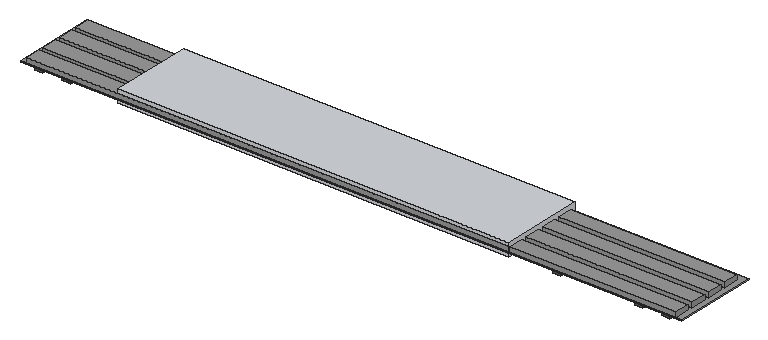
Revit family "2113-4, Veneer", category Generic Models, host Face, Revit 2020
Family settings
  Host = Face
  Can host rebar = No
  Round Connector Dimension = Use Diameter
  Part Type = Normal
  Cut with Voids When Loaded = No
  Shared = No
  Room Calculation Point = No
Parameters
  min_value [instance] = 1' - 11 1/4"  # constant formula
  max_value [instance] = 9' - 11 1/4"  # constant formula
  actual_value [instance] = if(NET LENGTH < min_value, min_value, if(NET LENGTH > max_value, max_value, NET LENGTH))  # 7' - 11 1/4"
  SCRIM MATERIAL [instance] = SCRIM
  SCRIM [instance] = yes
  NET LENGTH [instance] = 7' - 11 1/4"
  Default Elevation = 4' - 0"
  BACKER MATERIAL [instance] = BLACK-BACKERS
  .. MEMBER WIDTH [instance] = 0' - 2 1/4"  # constant formula
  .. MEMBER MATERIAL [instance] = Veneer Cherry
  .. MEMBER LENGTH [instance] = actual_value  # 7' - 11 1/4"
  .. MEMBER DEPTH [instance] = 0' - 0 3/4"  # constant formula
  .. MEMBER COUNT [instance] = 4  # constant formula
  IMPORTANT NOTE!!!                                                                             *Backer layout is for visualization purposes only, final layout to be determined by 9Wood. [instance] = ""
Reference planes (in)
  plane 1 "Center (Front/Back)": y = 0
  plane 2: z = 1.82209
  plane 3 "Center (Left/Right)": x = 0
Forms (in)
  Extrusion 1, solid
    sketch origin (132, -33.80483, 0) x (1, 0, 0) y (0, 1, 0)
      loop
        line (-118.625, 33.80483) -> (-61.26146, 33.80483) -> (-61.26146, 45.86733) -> (-118.625, 45.86733) -> (-118.625, 33.80483)
    from 1.82209 to 0
Dimensions and locks (in)
  aligned and locked: Extrusion 1 to plane 2
  aligned and locked: plane 3 "Center (Left/Right)" to nested 1
Nested families (in)
  nested 1: "1100 SERIES CONFIG" at (0, 2, 0), .. MEMBER DEPTH <- ".. MEMBER DEPTH", .. MEMBER LENGTH <- ".. MEMBER LENGTH", .. MEMBER WIDTH <- ".. MEMBER WIDTH", .. MEMBER MATERIAL <- ".. MEMBER MATERIAL", BACKING M MATERIAL <- "BACKER MATERIAL", SCRIM  MATERIAL <- "SCRIM MATERIAL", .. MEMBER COUNT <- ".. MEMBER COUNT", SCRIM <- "SCRIM", type "1100 SERIES CONFIG"
    with X 7' - 8", SCRIM OVERHANG 2 0' - 0 3/32", SCRIM OVERHANG 0' - 0 7/8", SCRIM LENGTH 8' - 1", SCRIM  MATERIAL SCRIM, SCRIM yes, NOMINAL LENGTH 7, N 8, Inset 6' - 0 3/8", INSET 0' - 1", INDEX 0' - 5 5/8", HALF MEMBER WIDTH 0' - 1 1/8", HALF LENGTH 3' - 11 5/8", END BACKER yes, BACKING M WIDTH 0' - 1 1/4", BACKING M OC SPACING 1' - 0", BACKING M MATERIAL BLACK-BACKERS, BACKING M LENGTH 0' - 11 7/8", BACKING M DEPTH 0' - 0 1/2", BACKING M COUNT 8, 3/16" INSET 0' - 0 3/16", .. MEMBER WIDTH 0' - 2 1/4", .. MEMBER OC SPACING 0' - 3", .. MEMBER MATERIAL Veneer Cherry, .. MEMBER LENGTH 7' - 11 1/4", .. MEMBER DEPTH 0' - 0 3/4", .. MEMBER COUNT 4
Definition of nested family "1100 SERIES CONFIG"
  Parameters (values of type "1100 SERIES CONFIG")
    X [instance] = .. MEMBER LENGTH - 0' 3 1/4"  # 5' - 5"
    SCRIM OVERHANG 2 [instance] = 0' - 0 3/32"  # constant formula
    SCRIM OVERHANG [instance] = 0' - 0 7/8"  # constant formula
    SCRIM LENGTH [instance] = .. MEMBER LENGTH + (SCRIM OVERHANG * 2)  # 5' - 10"
    SCRIM  MATERIAL [instance] = none
    SCRIM [instance] = yes
    NOMINAL LENGTH [instance] = 7
    N [instance] = if((X - (rounddown(X / 1' 0") * 1' 0")) > 1' 0", rounddown(X / 1' 0") + 2, rounddown(X / 1' 0") + 1)  # 6
    Inset [instance] = 6' - 0 3/8"  # constant formula
    INSET [instance] = 0' - 1"  # constant formula
    END BACKER [instance] = INDEX > 0' 3 5/8"  # yes
    INDEX [instance] = (.. MEMBER LENGTH - ((N - 1) * 1' 0")) / 2  # 0' - 4 1/8"
    HALF MEMBER WIDTH [instance] = .. MEMBER WIDTH / 2  # 0' - 0 5/16"
    HALF LENGTH [instance] = .. MEMBER LENGTH / 2  # 2' - 10 1/8"
    Default Elevation = 0' - 0"
    BACKING M WIDTH [instance] = 0' - 1 1/4"
    BACKING M SPACING = 3' - 3"
    BACKING M MATERIAL [instance] = none
    BACKING M LENGTH [instance] = 0' - 11 7/8"
    BACKING M DEPTH [instance] = 0' - 0 1/2"
    BACKING M COUNT [instance] = N  # 6
    BACKING M OC SPACING [instance] = 1' - 0"  # constant formula
    3/16" INSET [instance] = 0' - 0 3/16"  # constant formula
    .. MEMBER WIDTH [instance] = 0' - 0 5/8"
    .. MEMBER OC SPACING [instance] = 1' 0" / .. MEMBER COUNT  # 0' - 4"
    .. MEMBER MATERIAL [instance] = none
    .. MEMBER LENGTH [instance] = 5' - 8 1/4"
    .. MEMBER DEPTH [instance] = 0' - 1 3/8"
    .. MEMBER COUNT [instance] = 3
  Reference planes (in)
    plane 1 "Center (Front/Back)": y = -2
    plane 2: z = 0
    plane 3 "Center (Left/Right)": x = 0
    plane 4: x = 1
    plane 5: x = 4.125
    plane 6: x = 34.125
    plane 7: x = 68.25
    plane 8: x = 67.25
    plane 9: x = 16.125
    plane 10: y = -1.8125
    plane 11: y = -1.6875
    plane 12: y = 2.3125
    plane 13: x = 69.125
    plane 14: x = -0.875
    plane 15: z = 0.5
    plane 16: z = 0.5625
    plane 17: y = 10.0625
    plane 18: y = 10.15625
    plane 19: y = -2.09375
  Dimensions and locks (in)
    "INSET": plane 3 "Center (Left/Right)" to plane 4
    "INDEX": plane 3 "Center (Left/Right)" to plane 5
    "HALF LENGTH": plane 3 "Center (Left/Right)" to plane 6
    ".. MEMBER LENGTH": plane 3 "Center (Left/Right)" to plane 7
    "INSET": plane 8 to plane 7
    equal spacing: group 2, group 3, group 6, group 7, group 8, group 9  (x3)
    "3/16" INSET": plane 1 "Center (Front/Back)" to plane 10
    ".. MEMBER OC SPACING": plane 12 to plane 11
    "SCRIM OVERHANG": plane 14 to plane 3 "Center (Left/Right)"
    "SCRIM OVERHANG": plane 7 to plane 13
    equal spacing: group 1, group 4, group 5  (x2)
    equal spacing: group 5, group 4, group 1
    "HALF MEMBER WIDTH": plane 1 "Center (Front/Back)" to plane 11
    "BACKING M OC SPACING": plane 5 to plane 9
    "SCRIM OVERHANG 2": plane 18 to plane 17
    "SCRIM OVERHANG 2": plane 19 to plane 1 "Center (Front/Back)"
    aligned and locked: level to plane 2
    aligned and locked: plane 6 to nested 1
    aligned and locked: nested 2 to plane 4
    aligned and locked: plane 5 to nested 3
    aligned and locked: plane 1 "Center (Front/Back)" to nested 1
    aligned and locked: nested 2 to plane 10
    aligned and locked: nested 3 to plane 10
    aligned and locked: nested 5 to plane 10
    aligned and locked: nested 4 to plane 10
    aligned and locked: nested 6 to plane 14
    aligned and locked: plane 12 to nested 7
    aligned and locked: nested 7 to plane 3 "Center (Left/Right)"
    aligned and locked: plane 9 to nested 5
    aligned and locked: plane 8 to nested 4
    aligned and locked: plane 15 to nested 2
    aligned and locked: nested 6 to plane 15
    aligned and locked: nested 1 to plane 16
    aligned and locked: nested 7 to plane 16
    aligned and locked: nested 6 to plane 19
  Nested families (in)
    nested 1: "INSTANCE - Parametric Cube" at (34.125, -1.6875, 1.9375), Length <- ".. MEMBER WIDTH", Height <- ".. MEMBER DEPTH", Width <- ".. MEMBER LENGTH", Material <- ".. MEMBER MATERIAL", type "INSTANCE - Parametric Cube"
      with Width 5' - 8 1/4", Material none, Length 0' - 0 5/8", Height 0' - 1 3/8"
    nested 2: "2ND INSTANCE - Parametric Cube" at (1.625, 4.125, 0), Height <- "BACKING M DEPTH", Length <- "BACKING M LENGTH", Width <- "BACKING M WIDTH", Material <- "BACKING M MATERIAL", visible <- "END BACKER", type "2ND INSTANCE - Parametric Cube"
      with Width 0' - 1 1/4", Material none, Length 0' - 11 7/8", Height 0' - 0 1/2"
    nested 3: "2ND INSTANCE - Parametric Cube" at (4.125, 4.125, 0), Length <- "BACKING M LENGTH", Height <- "BACKING M DEPTH", Width <- "BACKING M WIDTH", Material <- "BACKING M MATERIAL", type "2ND INSTANCE - Parametric Cube"
      with Width 0' - 1 1/4", Material none, Length 0' - 11 7/8", Height 0' - 0 1/2"
    nested 4: "2ND INSTANCE - Parametric Cube" at (66.625, 4.125, 0), Width <- "BACKING M WIDTH", Length <- "BACKING M LENGTH", Height <- "BACKING M DEPTH", Material <- "BACKING M MATERIAL", visible <- "END BACKER", type "2ND INSTANCE - Parametric Cube"
      with Width 0' - 1 1/4", Material none, Length 0' - 11 7/8", Height 0' - 0 1/2"
    nested 5: "2ND INSTANCE - Parametric Cube" at (16.125, 4.125, 0), Length <- "BACKING M LENGTH", Height <- "BACKING M DEPTH", Width <- "BACKING M WIDTH", Material <- "BACKING M MATERIAL", type "2ND INSTANCE - Parametric Cube"
      with Width 0' - 1 1/4", Material none, Length 0' - 11 7/8", Height 0' - 0 1/2"
    nested 6: "3RD INSTANCE - Parametric Cube" at (34.125, 4.0445, 0.5), Width <- "SCRIM LENGTH", Material <- "SCRIM  MATERIAL", visible <- "SCRIM", type "3RD INSTANCE - Parametric Cube"
      with Width 5' - 10", Material none, Length 1' - 0.27649", Height 0' - 0 1/16"
    nested 7: "INSTANCE - Parametric Cube" at (34.125, 2.3125, 1.9375), Length <- ".. MEMBER WIDTH", Height <- ".. MEMBER DEPTH", Width <- ".. MEMBER LENGTH", Material <- ".. MEMBER MATERIAL", type "INSTANCE - Parametric Cube"
      with Width 5' - 8 1/4", Material none, Length 0' - 0 5/8", Height 0' - 1 3/8"
    nested 8: "INSTANCE - Parametric Cube" at (34.125, 6.3125, 1.9375), Length <- ".. MEMBER WIDTH", Height <- ".. MEMBER DEPTH", Width <- ".. MEMBER LENGTH", Material <- ".. MEMBER MATERIAL", type "INSTANCE - Parametric Cube"
      with Width 5' - 8 1/4", Material none, Length 0' - 0 5/8", Height 0' - 1 3/8"
    nested 9: "2ND INSTANCE - Parametric Cube" at (28.125, 4.125, 0), Length <- "BACKING M LENGTH", Height <- "BACKING M DEPTH", Width <- "BACKING M WIDTH", Material <- "BACKING M MATERIAL", type "2ND INSTANCE - Parametric Cube"
      with Width 0' - 1 1/4", Material none, Length 0' - 11 7/8", Height 0' - 0 1/2"
    nested 10: "2ND INSTANCE - Parametric Cube" at (40.125, 4.125, 0), Length <- "BACKING M LENGTH", Height <- "BACKING M DEPTH", Width <- "BACKING M WIDTH", Material <- "BACKING M MATERIAL", type "2ND INSTANCE - Parametric Cube"
      with Width 0' - 1 1/4", Material none, Length 0' - 11 7/8", Height 0' - 0 1/2"
    nested 11: "2ND INSTANCE - Parametric Cube" at (52.125, 4.125, 0), Length <- "BACKING M LENGTH", Height <- "BACKING M DEPTH", Width <- "BACKING M WIDTH", Material <- "BACKING M MATERIAL", type "2ND INSTANCE - Parametric Cube"
      with Width 0' - 1 1/4", Material none, Length 0' - 11 7/8", Height 0' - 0 1/2"
    nested 12: "2ND INSTANCE - Parametric Cube" at (64.125, 4.125, 0), Length <- "BACKING M LENGTH", Height <- "BACKING M DEPTH", Width <- "BACKING M WIDTH", Material <- "BACKING M MATERIAL", type "2ND INSTANCE - Parametric Cube"
      with Width 0' - 1 1/4", Material none, Length 0' - 11 7/8", Height 0' - 0 1/2"
  Definition of nested family "INSTANCE - Parametric Cube"
    Parameters (values of type "INSTANCE - Parametric Cube")
      Width [instance] = 0' - 6"
      Material [instance] = none
      Length [instance] = 1' - 0"
      Height [instance] = 1' - 6"
      Default Elevation = 0' - 0"
    Reference planes (in)
      plane 1 "Center (Front/Back)": y = 0
      plane 2: z = 0
      plane 3 "Center (Left/Right)": x = 0
      plane 4: x = -3
      plane 5: x = 3
      plane 6: y = 6
      plane 7: y = -6
      plane 8: z = -18
    Forms (in)
      Extrusion 1, solid, material <- "Material"
        sketch origin (0, 0, 0) x (1, 0, 0) y (0, 1, 0)
          loop
            line (-3, 6) -> (-3, -6) -> (3, -6) -> (3, 6) -> (-3, 6)
        from -18 to 0
    Dimensions and locks (in)
      equal spacing: plane 4, plane 3 "Center (Left/Right)", plane 5
      equal spacing: plane 6, plane 1 "Center (Front/Back)", plane 7
      "Length": plane 6 to plane 7
      "Width": plane 4 to plane 5
      "Height": plane 8 to level
      aligned and locked: plane 2 to level
      aligned and locked: Extrusion 1 sketch curve to plane 6
      aligned and locked: plane 4 to Extrusion 1 sketch curve
      aligned and locked: plane 7 to Extrusion 1 sketch curve
      aligned and locked: Extrusion 1 sketch curve to plane 5
      aligned and locked: Extrusion 1 to plane 8
  Definition of nested family "2ND INSTANCE - Parametric Cube"
    Parameters (values of type "2ND INSTANCE - Parametric Cube")
      Width [instance] = 0' - 6"
      Material [instance] = none
      Length [instance] = 1' - 0"
      Height [instance] = 1' - 6"
      Default Elevation = 0' - 0"
    Reference planes (in)
      plane 1 "Center (Front/Back)": y = 0
      plane 2: z = 0
      plane 3 "Center (Left/Right)": x = 0
      plane 4: x = -3
      plane 5: x = 3
      plane 6: y = 6
      plane 7: y = -6
      plane 8: z = 18
    Forms (in)
      Extrusion 1, solid, material <- "Material"
        sketch origin (0, 0, 0) x (1, 0, 0) y (0, 1, 0)
          loop
            line (-3, 6) -> (-3, -6) -> (3, -6) -> (3, 6) -> (-3, 6)
        from 0 to 18
    Dimensions and locks (in)
      equal spacing: plane 4, plane 3 "Center (Left/Right)", plane 5
      equal spacing: plane 6, plane 1 "Center (Front/Back)", plane 7
      "Length": plane 6 to plane 7
      "Width": plane 4 to plane 5
      "Height": level to plane 8
      aligned and locked: plane 2 to level
      aligned and locked: Extrusion 1 sketch curve to plane 6
      aligned and locked: plane 4 to Extrusion 1 sketch curve
      aligned and locked: plane 7 to Extrusion 1 sketch curve
      aligned and locked: Extrusion 1 sketch curve to plane 5
      aligned and locked: plane 8 to Extrusion 1
      aligned and locked: Extrusion 1 to level
  Definition of nested family "3RD INSTANCE - Parametric Cube"
    Parameters (values of type "3RD INSTANCE - Parametric Cube")
      Width [instance] = 0' - 6"
      Material [instance] = none
      Length [instance] = 1' - 0"
      Height [instance] = 1' - 6"
      Default Elevation = 0' - 0"
    Reference planes (in)
      plane 1 "Center (Front/Back)": y = 0
      plane 2: z = 0
      plane 3 "Center (Left/Right)": x = 0
      plane 4: x = -3
      plane 5: x = 3
      plane 6: y = 6
      plane 7: y = -6
      plane 8: z = 18
    Forms (in)
      Extrusion 1, solid, material <- "Material"
        sketch origin (0, 0, 0) x (1, 0, 0) y (0, 1, 0)
          loop
            line (-3, 6) -> (-3, -6) -> (3, -6) -> (3, 6) -> (-3, 6)
        from 0 to 18
    Dimensions and locks (in)
      equal spacing: plane 4, plane 3 "Center (Left/Right)", plane 5
      equal spacing: plane 6, plane 1 "Center (Front/Back)", plane 7
      "Length": plane 6 to plane 7
      "Width": plane 4 to plane 5
      "Height": level to plane 8
      aligned and locked: plane 2 to level
      aligned and locked: Extrusion 1 sketch curve to plane 6
      aligned and locked: plane 4 to Extrusion 1 sketch curve
      aligned and locked: plane 7 to Extrusion 1 sketch curve
      aligned and locked: Extrusion 1 sketch curve to plane 5
      aligned and locked: plane 8 to Extrusion 1
      aligned and locked: Extrusion 1 to level
